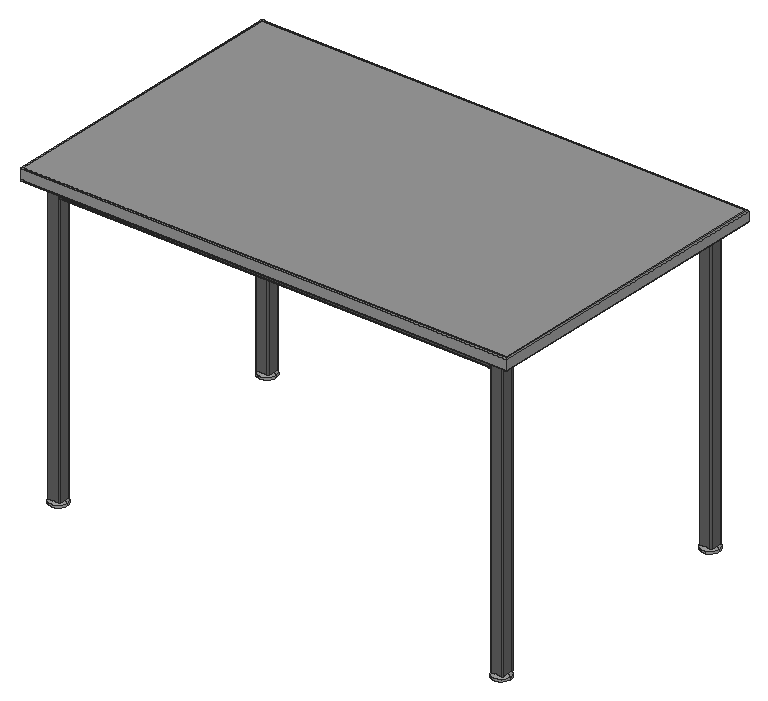
Revit family "Tutor 4830", category Generic Models, Revit 2018
Family settings
  Can host rebar = No
  Round Connector Dimension = Use Diameter
  Part Type = Normal
  Work Plane-Based = No
  Always vertical = Yes
  Cut with Voids When Loaded = No
  Shared = No
  Room Calculation Point = No
Parameters
  Surface = Tutor 4830 Surface
  Frame Finish = Tutor Frame Charcoal
  Edgeband = Tutor 4830 Edgeband
Reference planes (in)
  plane 1 "Center (Front/Back)": y = 0
  plane 2: z = 0
  plane 3 "Center (Left/Right)": x = 0
Forms (in)
  Extrusion 1, solid, material "Tutor Frame Charcoal" <- "Frame Finish"
    sketch origin (0, 0, -7) x (0, 1, 0) y (0, 0, 1)
      loop
        arc (13.4, 34.29492) -> (13.47071, 34.32421) -> (13.5, 34.39492) r 0.1
        line (13.5, 34.39492) -> (13.5, 35.44492)
        arc (13.5, 35.44492) -> (13.47071, 35.51563) -> (13.4, 35.54492) r 0.1
        line (13.4, 35.54492) -> (12.35, 35.54492)
        arc (12.35, 35.54492) -> (12.27929, 35.51563) -> (12.25, 35.44492) r 0.1
        line (12.25, 35.44492) -> (12.25, 34.39492)
        arc (12.25, 34.39492) -> (12.27929, 34.32421) -> (12.35, 34.29492) r 0.1
        line (12.35, 34.29492) -> (13.4, 34.29492)
      loop
        line (-13.4, 34.29492) -> (-12.35, 34.29492)
        arc (-12.35, 34.29492) -> (-12.27929, 34.32421) -> (-12.25, 34.39492) r 0.1
        line (-12.25, 34.39492) -> (-12.25, 35.44492)
        arc (-12.25, 35.44492) -> (-12.27929, 35.51563) -> (-12.35, 35.54492) r 0.1
        line (-12.35, 35.54492) -> (-13.4, 35.54492)
        arc (-13.4, 35.54492) -> (-13.47071, 35.51563) -> (-13.5, 35.44492) r 0.1
        line (-13.5, 35.44492) -> (-13.5, 34.39492)
        arc (-13.5, 34.39492) -> (-13.47071, 34.32421) -> (-13.4, 34.29492) r 0.1
    from -21.25 to 21.25
  Extrusion 2, solid, material "Tutor Frame Charcoal" <- "Frame Finish"
    sketch origin (0, 0, -7) x (1, 0, 0) y (0, 0, 1)
      loop
        arc (-21.35, 34.29492) -> (-21.27929, 34.32421) -> (-21.25, 34.39492) r 0.1
        line (-21.25, 34.39492) -> (-21.25, 35.44492)
        arc (-21.25, 35.44492) -> (-21.27929, 35.51563) -> (-21.35, 35.54492) r 0.1
        line (-21.35, 35.54492) -> (-22.4, 35.54492)
        arc (-22.4, 35.54492) -> (-22.47071, 35.51563) -> (-22.5, 35.44492) r 0.1
        line (-22.5, 35.44492) -> (-22.5, 34.39492)
        arc (-22.5, 34.39492) -> (-22.47071, 34.32421) -> (-22.4, 34.29492) r 0.1
        line (-22.4, 34.29492) -> (-21.35, 34.29492)
      loop
        line (21.35, 34.29492) -> (22.4, 34.29492)
        arc (22.4, 34.29492) -> (22.47071, 34.32421) -> (22.5, 34.39492) r 0.1
        line (22.5, 34.39492) -> (22.5, 35.44492)
        arc (22.5, 35.44492) -> (22.47071, 35.51563) -> (22.4, 35.54492) r 0.1
        line (22.4, 35.54492) -> (21.35, 35.54492)
        arc (21.35, 35.54492) -> (21.27929, 35.51563) -> (21.25, 35.44492) r 0.1
        line (21.25, 35.44492) -> (21.25, 34.39492)
        arc (21.25, 34.39492) -> (21.27929, 34.32421) -> (21.35, 34.29492) r 0.1
    from -12.25 to 12.25
  Extrusion 3, solid, material "Tutor 4830 Surface" <- "Surface"
    sketch origin (0, 0, -7) x (1, 0, 0) y (0, 1, 0)
      loop
        line (23.88189, 14.79339) -> (-23.88189, 14.79339) -> (-23.88189, -14.79339) -> (23.88189, -14.79339) -> (23.88189, 14.79339)
    from 35.54492 to 36.74492
  Sweep 4, solid, material "Tutor 4830 Edgeband" <- "Edgeband"
    path origin (0, 0, -7) x (1, 0, 0) y (0, 1, 0)
      loop
        line (23.88189, 14.79339) -> (-23.88189, 14.79339) -> (-23.88189, -14.79339) -> (23.88189, -14.79339) -> (23.88189, 14.79339)
    profile origin (0, 14.79339, -7) x (0, -1, 0) y (0, 0, 1)
      loop
        arc (0, 36.74492) -> (-0.08352, 36.71033) -> (-0.11811, 36.62681) r 0.11811
        line (-0.11811, 36.62681) -> (-0.11811, 35.66303)
        arc (-0.11811, 35.66303) -> (-0.08352, 35.57952) -> (0, 35.54492) r 0.11811
        line (0, 35.54492) -> (0, 36.74492)
  Extrusion 5, solid, material "Tutor Frame Charcoal" <- "Frame Finish"
    sketch origin (0, 0, -7) x (1, 0, 0) y (0, 1, 0)
      loop
        line (-21.375, 13.5) -> (-22.375, 13.5)
        arc (-22.375, 13.5) -> (-22.46339, 13.46339) -> (-22.5, 13.375) r 0.125
        line (-22.5, 13.375) -> (-22.5, 12.375)
        arc (-22.5, 12.375) -> (-22.46339, 12.28661) -> (-22.375, 12.25) r 0.125
        line (-22.375, 12.25) -> (-21.375, 12.25)
        arc (-21.375, 12.25) -> (-21.28661, 12.28661) -> (-21.25, 12.375) r 0.125
        line (-21.25, 12.375) -> (-21.25, 13.375)
        arc (-21.25, 13.375) -> (-21.28661, 13.46339) -> (-21.375, 13.5) r 0.125
      loop
        arc (21.375, 13.5) -> (21.28661, 13.46339) -> (21.25, 13.375) r 0.125
        line (21.25, 13.375) -> (21.25, 12.375)
        arc (21.25, 12.375) -> (21.28661, 12.28661) -> (21.375, 12.25) r 0.125
        line (21.375, 12.25) -> (22.375, 12.25)
        arc (22.375, 12.25) -> (22.46339, 12.28661) -> (22.5, 12.375) r 0.125
        line (22.5, 12.375) -> (22.5, 13.375)
        arc (22.5, 13.375) -> (22.46339, 13.46339) -> (22.375, 13.5) r 0.125
        line (22.375, 13.5) -> (21.375, 13.5)
      loop
        arc (-21.375, -13.5) -> (-21.28661, -13.46339) -> (-21.25, -13.375) r 0.125
        line (-21.25, -13.375) -> (-21.25, -12.375)
        arc (-21.25, -12.375) -> (-21.28661, -12.28661) -> (-21.375, -12.25) r 0.125
        line (-21.375, -12.25) -> (-22.375, -12.25)
        arc (-22.375, -12.25) -> (-22.46339, -12.28661) -> (-22.5, -12.375) r 0.125
        line (-22.5, -12.375) -> (-22.5, -13.375)
        arc (-22.5, -13.375) -> (-22.46339, -13.46339) -> (-22.375, -13.5) r 0.125
        line (-22.375, -13.5) -> (-21.375, -13.5)
      loop
        line (21.375, -13.5) -> (22.375, -13.5)
        arc (22.375, -13.5) -> (22.46339, -13.46339) -> (22.5, -13.375) r 0.125
        line (22.5, -13.375) -> (22.5, -12.375)
        arc (22.5, -12.375) -> (22.46339, -12.28661) -> (22.375, -12.25) r 0.125
        line (22.375, -12.25) -> (21.375, -12.25)
        arc (21.375, -12.25) -> (21.28661, -12.28661) -> (21.25, -12.375) r 0.125
        line (21.25, -12.375) -> (21.25, -13.375)
        arc (21.25, -13.375) -> (21.28661, -13.46339) -> (21.375, -13.5) r 0.125
    from 7.41992 to 35.54492
  Revolve 6, solid, material "Tutor Frame Platinum"
    sketch origin (6, -12.875, 0) x (1, 0, 0) y (0, 0, 1)
      loop
        line (-27.875, 0.41992) -> (-27.875, 0) -> (-27.00001, 0) -> (-27.00001, 0.16993) -> (-27.25, 0.41992) -> (-27.875, 0.41992)
      axis (-27.875, 0.41992) -> (-27.875, 0)
    angle from 0 to 360
  Revolve 7, solid, material "Tutor Frame Platinum"
    sketch origin (6, 12.875, 0) x (1, 0, 0) y (0, 0, -1)
      loop
        line (-27.875, -0.41992) -> (-27.25, -0.41992) -> (-27.00001, -0.16993) -> (-27.00001, 0) -> (-27.875, 0) -> (-27.875, -0.41992)
      axis (-27.875, -0.41992) -> (-27.875, 0)
    angle from 0 to 360
  Revolve 8, solid, material "Tutor Frame Platinum"
    sketch origin (-6, 12.875, 0) x (-1, 0, 0) y (0, 0, 1)
      loop
        line (-27.875, 0.41992) -> (-27.875, 0) -> (-27.00001, 0) -> (-27.00001, 0.16993) -> (-27.25, 0.41992) -> (-27.875, 0.41992)
      axis (-27.875, 0.41992) -> (-27.875, 0)
    angle from 0 to 360
  Revolve 9, solid, material "Tutor Frame Platinum"
    sketch origin (-6, -12.875, 0) x (-1, 0, 0) y (0, 0, -1)
      loop
        line (-27.875, -0.41992) -> (-27.25, -0.41992) -> (-27.00001, -0.16993) -> (-27.00001, 0) -> (-27.875, 0) -> (-27.875, -0.41992)
      axis (-27.875, -0.41992) -> (-27.875, 0)
    angle from 0 to 360
Dimensions and locks (in)
  aligned and locked: plane 2 to level
